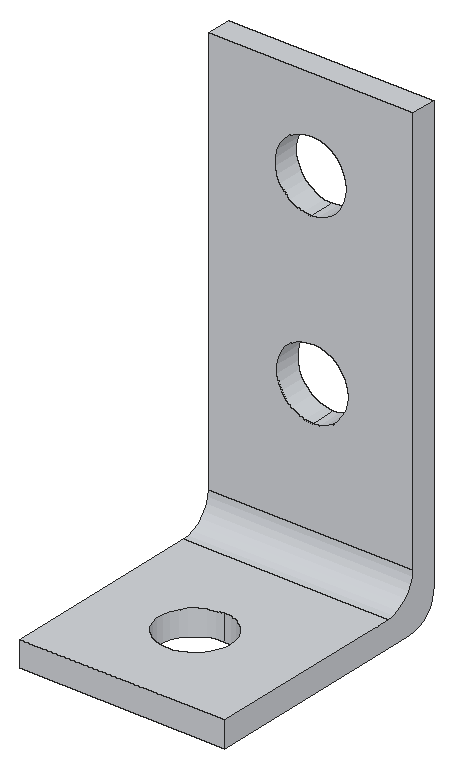
Revit family "MP12", category Generic Models, Revit 2017
Family settings
  Can host rebar = No
  Round Connector Dimension = Use Diameter
  Part Type = Normal
  Work Plane-Based = Yes
  Always vertical = No
  Cut with Voids When Loaded = No
  Shared = No
  Room Calculation Point = No
Parameters (values of type "NBS Standard Parameters")
  Weight = "0.24Kg"
  WarrantyStartDate [instance] = "1900-12-31T23:59:59"
  WarrantyGuarantorParts = "n/a"
  WarrantyGuarantorLabor = "n/a"
  WarrantyDurationUnit = "1 year"
  WarrantyDurationParts = "n/a"
  WarrantyDurationLabor = "n/a"
  WarrantyDescription = "n/a"
  Version = "1"
  Uniclass2 = "Pr_65_70_11_19"
  TagNumber [instance] = "n/a"
  SustainabilityPerformance = "n/a"
  Size = "90 Degree"
  Shape = "Angle"
  SerialNumber [instance] = "n/a"
  Revision = "n/a"
  ReplacementCost = "n/a"
  ProductInformation = "www.metpro.co.uk/pdf/mp12.pdf"
  NominalWidth = 40 mm
  NominalLength = 91 mm
  NominalHeight = 56 mm
  Name = ""
  NBSTypeID = ""
  NBSReference = "90-55-10/305"
  NBSOfficeMasterTag = ""
  NBSNote = ""
  NBSDescription = "Channel Cable Supports"
  NBSCertification = ""
  ModelReference = "MP12"
  ModelNumber = "n/a"
  Material = "Steel"
  ManufacturerURL = "www.metpro.co.uk"
  ManufacturerName = "Metpro Ltd"
  Keynote = "Compliant to LU Standard 1-085"
  InstallationDate [instance] = "1900-12-31T23:59:59"
  IfcExportType = ""
  IfcExportAs = ""
  Grade = "n/a"
  Finish = "Hot Dipped Galvanised"
  Features = "n/a"
  ExpectedLife = "n/a"
  DurationUnit = "year"
  Description = "MP12 -  2+1 Hole 90 Degree Bracket"
  Default Elevation = 1219.2 mm
  Constituents = "n/a"
  Color = "n/a"
  CodePerformance = "n/a"
  Category = "n/a"
  BarCode [instance] = "n/a"
  BIMObjectName = "Metpro-metprolibrary_Channelcablesupports_channelbracket"
  Author = "Metpro Ltd"
  AssetType = ""
  AssetIdentifier [instance] = "n/a"
  AccessibilityPerformance = "n/a"
Reference planes
  plane 1 "Center (Front/Back)": y = 0
  plane 2: z = 0
  plane 3 "Center (Left/Right)": x = 0
Forms (mm)
  Extrusion 1, solid
    sketch origin (25.5, -84.933, 22.648) x (0, 0, -1) y (0, 1, 0)
      loop
        line (-42.852, 0) -> (-42.852, -5) -> (37.148, -5)
        arc (37.148, -5) -> (41.391, -6.757) -> (43.148, -11) r 6
        line (43.148, -11) -> (43.148, -51) -> (48.148, -51) -> (48.148, -6)
        arc (48.148, -6) -> (46.391, -1.757) -> (42.148, 0) r 6
        line (42.148, 0) -> (-42.852, 0)
    from 0 to 40
  Extrusion 2, void
    sketch origin (25.5, -87.431, -20.5) x (1, 0, 0) y (0, -1, 0)
      loop
        circle (19.117, 29.59) r 7
    from 0 to 5
  Extrusion 3, void
    sketch origin (25.5, -89.933, -20.5) x (0, 0, -1) y (-1, 0, 0)
      loop
        circle (-68.053, -20.085) r 7
      loop
        circle (-31.787, -20.35) r 7
    from 0 to 5
Cuts and joins
  Extrusion 2, Extrusion 3 cuts Extrusion 1
Dimensions and locks
  aligned and locked: level to plane 2
  aligned and locked: Extrusion 1 to Extrusion 3
  aligned and locked: Extrusion 2 to Extrusion 1
